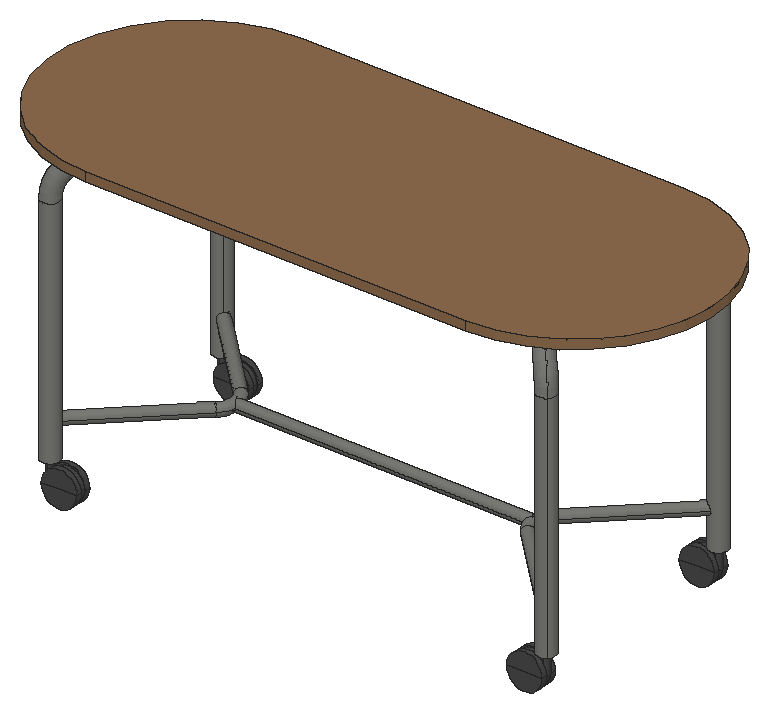
Revit family "Table-Teknion-CQTHZ_Racetrack_High_Table-R2020", category Furniture, Revit 2020
Family settings
  OmniClass Number = 23.40.20.00
  OmniClass Title = General Furniture and Specialties
  Work Plane-Based = No
  Always vertical = Yes
  Cut with Voids When Loaded = No
  Shared = Yes
  Room Calculation Point = No
Parameters (values of type "Counter Height, Mobile Mobility")
  Warranty = "http://www.teknion.com/ca/papers/legal-canada"
  Unit Weight URL = "http://www.teknion.com/ca/tools/assets#&asset=bee6a381-b954-425e-8283-5a2de3a804f2,f828d448-4b62-4231-9e5f-9a8991c0ed77"
  URL = "www.teknion.com"
  Sustainability Data = "https://www.teknion.com/ca/tools/assets#&topic=216f99a5-57a0-44fc-b10a-9dee9b29ae4c&asset=444deb64-fe58-4b68-981e-f75e97781df7,b4ff2d81-9f2e-437d-9659-7cffb09c31cf"
  Surface Finish [instance] = Foundation Laminate - Teknion - 3P - Sycamore Reflect
  Series = "Routes"  # constant formula
  Product Page URL = "https://www.teknion.com/ca/products/product-details?productLineId=70f0476f-8e7a-673b-a6c8-ff05004460c4"
  Product Line = "Routes Tables"  # constant formula
  Product Documentation Link = "https://assets.teknion.com/m/72af4764f50e983c/original/Routes-Reference-Guide.pdf"
  Part Number = "CQTHZ"  # constant formula
  Model = "CQTHZCM3072"
  Mobile Leg = yes
  Manufacturer Phone = "416-661-3370"  # constant formula
  Manufacturer Fax = "416.661.4586"  # constant formula
  Manufacturer Contact Information = "http://www.teknion.com/ca/contactus"
  Manufacturer Address = "1150 Flint Road, Toronto, ON. M3J 2J5. Canada"  # constant formula
  Manufacturer = "Teknion"  # constant formula
  How To Use Teknion Materials User Guide [instance] = "https://assets.teknion.com/m/205dd0a49fa58060/original/How-to-add-a-Material-Library-and-Texture-Images-to-your-Revit-project.pdf"
  Height = 36.000"
  Frame Finish [instance] = Paint - Teknion - Mica - Anthracite
  For Additional Finishes please visit [instance] = "https://assets.teknion.com/m/44a8009b046e5d47/original/Teknion_Materials_Library.zip"
  Foot Finish [instance] = Plastic - Teknion - E - Ebony
  Fixed Leg = no
  Description = "Racetrack High Table - Counter Height with Mobile Mobility"
  Default Elevation = 0.000"
  Caster Finish [instance] = Plastic - Teknion - E - Ebony
  Assembly Code = "E2020200"
Reference planes (in)
  plane 1 "Center Front/Back": y = 0
  plane 2: z = 0
  plane 3 "Center Left/Right": x = -4.69362
  plane 4 "Left": x = -40.69362
  plane 5 "Right": x = 31.30637
  plane 6 "Back": y = 15
  plane 7 "Front": y = -15
  plane 8 "Top": z = 36
  plane 9: z = 35
  plane 10: z = 34.75
  plane 11: through (-25.41537, -5.21598, 48) normal (0.7071, -0.7071, 0)
  plane 12: through (-25.41537, 5.21598, 48) normal (-0.7071, -0.7071, 0)
  plane 13: through (16.1693, 5.36892, 48) normal (-0.7071, 0.7071, 0)
  plane 14: through (16.1693, -5.36892, 48) normal (0.7071, 0.7071, 0)
  plane 15: z = 4.086
  plane 16: z = 8
  plane 17: y = 11.88108
  plane 18: y = -11.88108
  plane 19: x = -32.0687
  plane 20: x = 22.68145
  plane 21: z = 1.9685
  plane 22: z = 0.875
  plane 23: z = 29.7601
Forms (in)
  Sweep 1, solid, material "Paint - Teknion - Mica - Anthracite" <- "Frame Finish"
    path origin (-25.41537, -5.21598, 48) x (0.707107, 0.707107, 0) y (0, 0, 1)
      loop
        arc (-9.42587, -18.2399) -> (-8.25432, -15.41153) -> (-5.42596, -14.23999) r 3.99991
        line (-5.42596, -14.23999) -> (0, -14.23999)
    profile origin (-27.33374, -7.13435, 33.76001) x (0, 0, 1) y (0.707107, -0.707107, 0)
      loop
        circle (0, 0) r 1
  Sweep 2, solid, material "Paint - Teknion - Mica - Anthracite" <- "Frame Finish"
    path origin (-25.41537, 5.21598, 48) x (0.707107, -0.707107, 0) y (0, 0, 1)
      loop
        arc (-9.42587, -18.236) -> (-8.25547, -15.4104) -> (-5.42987, -14.24) r 3.996
        line (-5.42987, -14.24) -> (0, -14.24)
    profile origin (-27.33512, 7.13573, 33.76) x (0, 0, -1) y (0.707107, 0.707107, 0)
      loop
        circle (0, 0) r 1
  Sweep 3, solid, material "Paint - Teknion - Mica - Anthracite" <- "Frame Finish"
    path origin (16.1693, -5.36892, 48) x (-0.707107, 0.707107, 0) y (0, 0, 1)
      loop
        line (0.21629, -14.23999) -> (-5.19957, -14.23999)
        arc (-5.19957, -14.23999) -> (-8.03508, -15.41449) -> (-9.20958, -18.25) r 4.01001
    profile origin (17.93115, -7.13078, 33.76001) x (0, 0, 1) y (-0.707107, -0.707107, 0)
      loop
        circle (0, 0) r 1
  Sweep 4, solid, material "Paint - Teknion - Mica - Anthracite" <- "Frame Finish"
    path origin (16.1693, 5.36892, 48) x (-0.707107, -0.707107, 0) y (0, 0, 1)
      loop
        line (0.21629, -14.23999) -> (-5.19957, -14.23999)
        arc (-5.19957, -14.23999) -> (-8.03508, -15.41449) -> (-9.20958, -18.25) r 4.01001
    profile origin (17.93115, 7.13078, 33.76001) x (0, 0, -1) y (-0.707107, 0.707107, 0)
      loop
        circle (0, 0) r 1
  Sweep 5, solid, material "Paint - Teknion - Mica - Anthracite" <- "Frame Finish"
    path origin (0, 0, 0) x (1, 0, 0) y (0, 0, 1)
      loop
        line (-40.69362, 34.75) -> (-40.69362, 35)
    profile origin (-40.69362, 0, 34.875) x (-1, 0, 0) y (0, -1, 0)
      loop
        line (-12.29518, 4.51306) -> (-9.88324, 6.925)
        arc (-9.88324, 6.925) -> (-9.66357, 7.45533) -> (-9.88324, 7.98566) r 0.75
        line (-9.88324, 7.98566) -> (-12.52066, 10.62309)
        arc (-12.52066, 10.62309) -> (-13.05099, 10.84276) -> (-13.58132, 10.62309) r 0.75
        line (-13.58132, 10.62309) -> (-15.99326, 8.21114)
        arc (-15.99326, 8.21114) -> (-16.21293, 7.68081) -> (-15.99326, 7.15048) r 0.75
        line (-15.99326, 7.15048) -> (-13.35584, 4.51306)
        arc (-13.35584, 4.51306) -> (-12.82551, 4.29339) -> (-12.29518, 4.51306) r 0.75
      loop
        arc (-12.29518, -4.51306) -> (-12.82551, -4.29339) -> (-13.35584, -4.51306) r 0.75
        line (-13.35584, -4.51306) -> (-15.99326, -7.15048)
        arc (-15.99326, -7.15048) -> (-16.21293, -7.68081) -> (-15.99326, -8.21114) r 0.75
        line (-15.99326, -8.21114) -> (-13.58132, -10.62309)
        arc (-13.58132, -10.62309) -> (-13.05099, -10.84276) -> (-12.52066, -10.62309) r 0.75
        line (-12.52066, -10.62309) -> (-9.88324, -7.98566)
        arc (-9.88324, -7.98566) -> (-9.66357, -7.45533) -> (-9.88324, -6.925) r 0.75
        line (-9.88324, -6.925) -> (-12.29518, -4.51306)
      loop
        arc (-59.71658, 4.51306) -> (-59.18625, 4.29339) -> (-58.65592, 4.51306) r 0.75
        line (-58.65592, 4.51306) -> (-56.0185, 7.15048)
        arc (-56.0185, 7.15048) -> (-55.79883, 7.68081) -> (-56.0185, 8.21114) r 0.75
        line (-56.0185, 8.21114) -> (-58.43044, 10.62309)
        arc (-58.43044, 10.62309) -> (-58.96077, 10.84276) -> (-59.4911, 10.62309) r 0.75
        line (-59.4911, 10.62309) -> (-62.12852, 7.98566)
        arc (-62.12852, 7.98566) -> (-62.34819, 7.45533) -> (-62.12852, 6.925) r 0.75
        line (-62.12852, 6.925) -> (-59.71658, 4.51306)
      loop
        line (-59.71658, -4.51306) -> (-62.12852, -6.925)
        arc (-62.12852, -6.925) -> (-62.34819, -7.45533) -> (-62.12852, -7.98566) r 0.75
        line (-62.12852, -7.98566) -> (-59.4911, -10.62309)
        arc (-59.4911, -10.62309) -> (-58.96077, -10.84276) -> (-58.43044, -10.62309) r 0.75
        line (-58.43044, -10.62309) -> (-56.0185, -8.21114)
        arc (-56.0185, -8.21114) -> (-55.79883, -7.68081) -> (-56.0185, -7.15048) r 0.75
        line (-56.0185, -7.15048) -> (-58.65592, -4.51306)
        arc (-58.65592, -4.51306) -> (-59.18625, -4.29339) -> (-59.71658, -4.51306) r 0.75
  Sweep 6, solid, material "Paint - Teknion - Mica - Anthracite" <- "Frame Finish"
    path origin (-41.56768, -180, 8) x (-1, 0, 0) y (0, -1, 0)
      loop
        line (-9.48721, -191.88108) -> (-19.61151, -181.75678)
        arc (-19.61151, -181.75678) -> (-20.3392, -180) -> (-19.61151, -178.24322) r 2.48446
        line (-19.61151, -178.24322) -> (-9.48721, -168.11892)
    profile origin (-27.01832, 6.81893, 8) x (0.707107, 0.707107, 0) y (0, 0, 1)
      loop
        circle (0, 0) r 0.625
  Sweep 7, solid, material "Paint - Teknion - Mica - Anthracite" <- "Frame Finish"
    path origin (-41.56768, -180, 8) x (-1, 0, 0) y (0, -1, 0)
      loop
        line (-64.24913, -168.11892) -> (-54.13563, -178.23242)
        arc (-54.13563, -178.23242) -> (-53.40348, -180) -> (-54.13563, -181.76758) r 2.49974
        line (-54.13563, -181.76758) -> (-64.24913, -191.88108)
    profile origin (17.6247, 6.82433, 8) x (-0.707107, 0.707107, 0) y (0, 0, 1)
      loop
        circle (0, 0) r 0.625
  Sweep 8, solid, material "Paint - Teknion - Mica - Anthracite" <- "Frame Finish"
    path origin (-41.56768, -180, 8) x (-1, 0, 0) y (0, -1, 0)
      loop
        line (-20.35073, -180) -> (-53.41557, -180)
    profile origin (-4.68453, 0, 8) x (0, 1, 0) y (0, 0, 1)
      loop
        circle (0, 0) r 0.625
  Revolve 9, solid, material "Plastic - Teknion - E - Ebony" <- "Caster Finish", visible <- "Mobile Leg"
    sketch origin (-41.56768, -180, 1.9685) x (-1, 0, 0) y (0, -1, 0)
      loop
        line (-11.18043, -192.77108) -> (-11.18043, -190.99108) -> (-13.13688, -190.99108) -> (-13.13688, -191.55608) -> (-12.9922, -191.55608) -> (-12.9922, -192.20608) -> (-13.13688, -192.20608) -> (-13.13688, -192.77108) -> (-11.18043, -192.77108)
      axis (-11.18043, -192.77108) -> (-11.18043, -190.99108)
    angle from 0 to 360
  Sweep 10, solid, material "Plastic - Teknion - E - Ebony" <- "Caster Finish", visible <- "Mobile Leg"
    path origin (0, 0, 0) x (1, 0, 0) y (0, 0, 1)
      loop
        line (-32.0687, 4.086) -> (-32.0687, 1.9685)
    profile origin (-32.0687, 0, 3.02725) x (0, -1, 0) y (1, 0, 0)
      loop
        circle (-11.88108, 0) r 0.35945
  Revolve 11, solid, material "Plastic - Teknion - E - Ebony" <- "Caster Finish", visible <- "Mobile Leg"
    sketch origin (-41.56768, 180, 1.9685) x (-1, 0, 0) y (0, -1, 0)
      loop
        line (-11.18043, 192.77108) -> (-13.13688, 192.77108) -> (-13.13688, 192.20608) -> (-12.9922, 192.20608) -> (-12.9922, 191.55608) -> (-13.13688, 191.55608) -> (-13.13688, 190.99108) -> (-11.18043, 190.99108) -> (-11.18043, 192.77108)
      axis (-11.18043, 192.77108) -> (-11.18043, 190.99108)
    angle from 0 to 360
  Sweep 12, solid, material "Plastic - Teknion - E - Ebony" <- "Caster Finish", visible <- "Mobile Leg"
    path origin (0, 0, 0) x (1, 0, 0) y (0, 0, -1)
      loop
        line (-32.0687, -4.086) -> (-32.0687, -1.9685)
    profile origin (-32.0687, 0, 3.02725) x (0, 1, 0) y (-1, 0, 0)
      loop
        circle (-11.88108, 0) r 0.35945
  Revolve 13, solid, material "Plastic - Teknion - E - Ebony" <- "Caster Finish", visible <- "Mobile Leg"
    sketch origin (27.46328, 180, 1.9685) x (1, 0, 0) y (0, 1, 0)
      loop
        line (-6.46327, -192.77108) -> (-6.46327, -190.99108) -> (-8.41972, -190.99108) -> (-8.41972, -191.55608) -> (-8.27505, -191.55608) -> (-8.27505, -192.20608) -> (-8.41972, -192.20608) -> (-8.41972, -192.77108) -> (-6.46327, -192.77108)
      axis (-6.46327, -192.77108) -> (-6.46327, -190.99108)
    angle from 0 to 360
  Sweep 14, solid, material "Plastic - Teknion - E - Ebony" <- "Caster Finish", visible <- "Mobile Leg"
    path origin (-14.1044, 0, 0) x (-1, 0, 0) y (0, 0, 1)
      loop
        line (-36.78586, 4.086) -> (-36.78586, 1.9685)
    profile origin (22.68145, 0, 3.02725) x (0, 1, 0) y (-1, 0, 0)
      loop
        circle (-11.88108, 0) r 0.35945
  Revolve 15, solid, material "Plastic - Teknion - E - Ebony" <- "Caster Finish", visible <- "Mobile Leg"
    sketch origin (27.46328, -180, 1.9685) x (1, 0, 0) y (0, 1, 0)
      loop
        line (-6.46327, 192.77108) -> (-8.41972, 192.77108) -> (-8.41972, 192.20608) -> (-8.27505, 192.20608) -> (-8.27505, 191.55608) -> (-8.41972, 191.55608) -> (-8.41972, 190.99108) -> (-6.46327, 190.99108) -> (-6.46327, 192.77108)
      axis (-6.46327, 192.77108) -> (-6.46327, 190.99108)
    angle from 0 to 360
  Sweep 16, solid, material "Plastic - Teknion - E - Ebony" <- "Caster Finish", visible <- "Mobile Leg"
    path origin (-14.1044, 0, 0) x (-1, 0, 0) y (0, 0, -1)
      loop
        line (-36.78586, -4.086) -> (-36.78586, -1.9685)
    profile origin (22.68145, 0, 3.02725) x (0, -1, 0) y (1, 0, 0)
      loop
        circle (-11.88108, 0) r 0.35945
  Sweep 17, solid, material "Paint - Teknion - Mica - Anthracite" <- "Frame Finish", visible <- "Fixed Leg"
    path origin (0, 0, 0) x (1, 0, 0) y (0, 0, 1)
      loop
        line (-32.0687, 0.875) -> (-32.0687, 29.7601)
    profile origin (-32.0687, 0, 15.31755) x (-1, 0, 0) y (0, -1, 0)
      loop
        arc (0.70711, -12.59976) -> (0.71877, -11.17388) -> (-0.70711, -11.18594) r 1
        arc (-0.70711, -11.18594) -> (-0.69524, -12.58829) -> (0.70711, -12.59976) r 1
      loop
        arc (0.70711, 12.59976) -> (-0.69524, 12.58829) -> (-0.70711, 11.18594) r 1
        arc (-0.70711, 11.18594) -> (0.71877, 11.17388) -> (0.70711, 12.59976) r 1
      loop
        circle (-54.75015, -11.88108) r 1
      loop
        circle (-54.75015, 11.88108) r 1
  Sweep 18, solid, material "Paint - Teknion - Mica - Anthracite" <- "Frame Finish", visible <- "Mobile Leg"
    path origin (0, 0, 0) x (1, 0, 0) y (0, 0, 1)
      loop
        line (-32.0687, 29.7601) -> (-32.0687, 4.086)
    profile origin (-32.0687, 0, 16.92305) x (0, -1, 0) y (1, 0, 0)
      loop
        arc (12.59976, -0.70711) -> (12.58829, 0.69524) -> (11.18594, 0.70711) r 1
        arc (11.18594, 0.70711) -> (11.17388, -0.71877) -> (12.59976, -0.70711) r 1
      loop
        circle (11.88108, 54.75015) r 1
      loop
        circle (-11.88108, 54.75015) r 1
      loop
        arc (-12.59976, -0.70711) -> (-11.17388, -0.71877) -> (-11.18594, 0.70711) r 1
        arc (-11.18594, 0.70711) -> (-12.58829, 0.69524) -> (-12.59976, -0.70711) r 1
  Revolve 19, solid, material "Plastic - Teknion - E - Ebony" <- "Foot Finish", visible <- "Fixed Leg"
    sketch origin (-33.08047, -11.88108, 48) x (-1, 0, 0) y (0, 0, 1)
      loop
        line (-1.01177, -48) -> (-1.01177, -47.125) -> (-1.85077, -47.125) -> (-1.85077, -47.46425) -> (-2.00351, -47.46425) -> (-2.01177, -47.9375) -> (-1.85552, -47.9375) -> (-1.85552, -48) -> (-1.01177, -48)
      axis (-1.01177, -47.125) -> (-1.01177, -48)
    angle from 0 to 360
  Revolve 20, solid, material "Plastic - Teknion - E - Ebony" <- "Foot Finish", visible <- "Fixed Leg"
    sketch origin (-33.08047, 11.88108, 48) x (-1, 0, 0) y (0, 0, 1)
      loop
        line (-1.01177, -48) -> (-1.01177, -47.125) -> (-1.85077, -47.125) -> (-1.85077, -47.46425) -> (-2.00351, -47.46425) -> (-2.01177, -47.9375) -> (-1.85552, -47.9375) -> (-1.85552, -48) -> (-1.01177, -48)
      axis (-1.01177, -47.125) -> (-1.01177, -48)
    angle from 0 to 360
  Revolve 21, solid, material "Plastic - Teknion - E - Ebony" <- "Foot Finish", visible <- "Fixed Leg"
    sketch origin (18.97606, 11.88108, 48) x (1, 0, 0) y (0, 0, -1)
      loop
        line (3.70539, 48) -> (2.86164, 48) -> (2.86164, 47.9375) -> (2.70539, 47.9375) -> (2.71365, 47.46425) -> (2.86639, 47.46425) -> (2.86639, 47.125) -> (3.70539, 47.125) -> (3.70539, 48)
      axis (3.70539, 47.125) -> (3.70539, 48)
    angle from 0 to 360
  Revolve 22, solid, material "Plastic - Teknion - E - Ebony" <- "Foot Finish", visible <- "Fixed Leg"
    sketch origin (18.97606, -11.88108, 48) x (1, 0, 0) y (0, 0, 1)
      loop
        line (3.70539, -48) -> (3.70539, -47.125) -> (2.86639, -47.125) -> (2.86639, -47.46425) -> (2.71365, -47.46425) -> (2.70539, -47.9375) -> (2.86164, -47.9375) -> (2.86164, -48) -> (3.70539, -48)
      axis (3.70539, -47.125) -> (3.70539, -48)
    angle from 0 to 360
  Sweep 23, solid, material "Foundation Laminate - Teknion - 3P - Sycamore Reflect" <- "Surface Finish"
    path origin (-33.08047, -11.88108, 48) x (-1, 0, 0) y (0, 0, 1)
      loop
        line (-28.38684, -12) -> (-28.38684, -13)
    profile origin (-4.69362, -11.88108, 35.5) x (0, -1, 0) y (1, 0, 0)
      loop
        line (-26.88108, 21) -> (-26.88108, -21)
        arc (-26.88108, -21) -> (-11.88108, -36) -> (3.11892, -21) r 15
        line (3.11892, -21) -> (3.11892, 21)
        arc (3.11892, 21) -> (-11.88108, 36) -> (-26.88108, 21) r 15
Lines and regions (in)
  Masking region 1
    outline origin (-41.56768, -180, 1.9685) x (-1, 0, 0) y (0, -1, 0)
      loop
        arc (-15.87406, -195) -> (-0.87406, -180) -> (-15.87406, -165) r 15
        line (-15.87406, -165) -> (-57.87406, -165)
        arc (-57.87406, -165) -> (-72.87406, -180) -> (-57.87406, -195) r 15
        line (-57.87406, -195) -> (-15.87406, -195)
  reference lines
    curve 1: line (-40.69362, 15, 1.9685) -> (-40.69362, -15, 1.9685)
    curve 2: line (-40.69362, -15, 1.9685) -> (31.30637, -15, 1.9685)
    curve 3: line (31.30637, -15, 1.9685) -> (31.30637, 15, 1.9685)
    curve 4: line (31.30637, 15, 1.9685) -> (-40.69362, 15, 1.9685)
  symbolic lines, style "FurnitureHiddenLines", detail levels medium+fine
    curve 5: line (-28.41021, -4.51306, 1.9685) -> (-30.81038, -6.925, 1.9685)
    curve 6: arc (-30.81038, -6.925, 1.9685) -> (-31.03005, -7.45533, 1.9685) -> (-30.81038, -7.98566, 1.9685) r 0.75
    curve 7: line (-30.81038, -7.98566, 1.9685) -> (-28.17296, -10.62309, 1.9685)
    curve 8: arc (-28.17296, -10.62309, 1.9685) -> (-27.64263, -10.84276, 1.9685) -> (-27.1123, -10.62309, 1.9685) r 0.75
    curve 9: line (-27.1123, -10.62309, 1.9685) -> (-24.71213, -8.21114, 1.9685)
    curve 10: arc (-24.71213, -8.21114, 1.9685) -> (-24.49246, -7.68081, 1.9685) -> (-24.71213, -7.15048, 1.9685) r 0.75
    curve 11: line (-24.71213, -7.15048, 1.9685) -> (-27.34955, -4.51306, 1.9685)
    curve 12: arc (-27.34955, -4.51306, 1.9685) -> (-27.87988, -4.29339, 1.9685) -> (-28.41021, -4.51306, 1.9685) r 0.75
    curve 13: line (-24.71213, 8.21114, 1.9685) -> (-27.1123, 10.62309, 1.9685)
    curve 14: arc (-27.1123, 10.62309, 1.9685) -> (-27.64263, 10.84276, 1.9685) -> (-28.17296, 10.62309, 1.9685) r 0.75
    curve 15: line (-28.17296, 10.62309, 1.9685) -> (-30.81038, 7.98566, 1.9685)
    curve 16: arc (-30.81038, 7.98566, 1.9685) -> (-31.03005, 7.45533, 1.9685) -> (-30.81038, 6.925, 1.9685) r 0.75
    curve 17: line (-30.81038, 6.925, 1.9685) -> (-28.41021, 4.51306, 1.9685)
    curve 18: arc (-28.41021, 4.51306, 1.9685) -> (-27.87988, 4.29339, 1.9685) -> (-27.34955, 4.51306, 1.9685) r 0.75
    curve 19: line (-27.34955, 4.51306, 1.9685) -> (-24.71213, 7.15048, 1.9685)
    curve 20: arc (-24.71213, 7.15048, 1.9685) -> (-24.49246, 7.68081, 1.9685) -> (-24.71213, 8.21114, 1.9685) r 0.75
    curve 21: line (19.01119, 4.51306, 1.9685) -> (21.42313, 6.925, 1.9685)
    curve 22: arc (21.42313, 6.925, 1.9685) -> (21.6428, 7.45533, 1.9685) -> (21.42313, 7.98566, 1.9685) r 0.75
    curve 23: line (21.42313, 7.98566, 1.9685) -> (18.78571, 10.62309, 1.9685)
    curve 24: arc (18.78571, 10.62309, 1.9685) -> (18.25538, 10.84276, 1.9685) -> (17.72505, 10.62309, 1.9685) r 0.75
    curve 25: line (17.72505, 10.62309, 1.9685) -> (15.31311, 8.21114, 1.9685)
    curve 26: arc (15.31311, 8.21114, 1.9685) -> (15.09344, 7.68081, 1.9685) -> (15.31311, 7.15048, 1.9685) r 0.75
    curve 27: line (15.31311, 7.15048, 1.9685) -> (17.95053, 4.51306, 1.9685)
    curve 28: arc (17.95053, 4.51306, 1.9685) -> (18.48086, 4.29339, 1.9685) -> (19.01119, 4.51306, 1.9685) r 0.75
    curve 29: line (21.42313, -6.925, 1.9685) -> (19.01119, -4.51306, 1.9685)
    curve 30: arc (19.01119, -4.51306, 1.9685) -> (18.48086, -4.29339, 1.9685) -> (17.95053, -4.51306, 1.9685) r 0.75
    curve 31: line (17.95053, -4.51306, 1.9685) -> (15.31311, -7.15048, 1.9685)
    curve 32: arc (15.31311, -7.15048, 1.9685) -> (15.09344, -7.68081, 1.9685) -> (15.31311, -8.21114, 1.9685) r 0.75
    curve 33: line (15.31311, -8.21114, 1.9685) -> (17.72505, -10.62309, 1.9685)
    curve 34: arc (17.72505, -10.62309, 1.9685) -> (18.25538, -10.84276, 1.9685) -> (18.78571, -10.62309, 1.9685) r 0.75
    curve 35: line (18.78571, -10.62309, 1.9685) -> (21.42313, -7.98566, 1.9685)
    curve 36: arc (21.42313, -7.98566, 1.9685) -> (21.6428, -7.45533, 1.9685) -> (21.42313, -6.925, 1.9685) r 0.75
    curve 37: line (-24.70826, -5.92309, 1.9685) -> (-26.12248, -4.50888, 1.9685)
    curve 38: arc (-32.78757, -12.58819, 1.9685) -> (-31.37336, -12.58819, 1.9685) -> (-31.37336, -11.17397, 1.9685) r 1
    curve 39: arc (-31.37336, -11.17397, 1.9685) -> (-32.78757, -11.17397, 1.9685) -> (-32.78757, -12.58819, 1.9685) r 1
    curve 40: line (-26.12248, -4.50888, 1.9685) -> (-32.78757, -11.17397, 1.9685)
    curve 41: line (-24.70826, -5.92309, 1.9685) -> (-31.37336, -12.58819, 1.9685)
    curve 42: arc (-32.78757, 12.58819, 1.9685) -> (-32.78757, 11.17397, 1.9685) -> (-31.37336, 11.17397, 1.9685) r 1
    curve 43: arc (-31.37336, 11.17397, 1.9685) -> (-31.37336, 12.58819, 1.9685) -> (-32.78757, 12.58819, 1.9685) r 1
    curve 44: line (-26.12248, 4.50888, 1.9685) -> (-24.70826, 5.92309, 1.9685)
    curve 45: line (-31.37336, 12.58819, 1.9685) -> (-24.70826, 5.92309, 1.9685)
    curve 46: line (-26.12248, 4.50888, 1.9685) -> (-32.78757, 11.17397, 1.9685)
    curve 47: line (16.72346, 4.50888, 1.9685) -> (15.30925, 5.92309, 1.9685)
    curve 48: arc (21.97435, 11.17397, 1.9685) -> (23.38856, 11.17397, 1.9685) -> (23.38856, 12.58819, 1.9685) r 1
    curve 49: arc (23.38856, 12.58819, 1.9685) -> (21.97435, 12.58819, 1.9685) -> (21.97435, 11.17397, 1.9685) r 1
    curve 50: line (15.30925, 5.92309, 1.9685) -> (21.97435, 12.58819, 1.9685)
    curve 51: line (16.72346, 4.50888, 1.9685) -> (23.38856, 11.17397, 1.9685)
    curve 52: arc (23.38856, -12.58819, 1.9685) -> (23.38856, -11.17397, 1.9685) -> (21.97435, -11.17397, 1.9685) r 1
    curve 53: arc (21.97435, -11.17397, 1.9685) -> (21.97435, -12.58819, 1.9685) -> (23.38856, -12.58819, 1.9685) r 1
    curve 54: line (15.30925, -5.92309, 1.9685) -> (16.72346, -4.50888, 1.9685)
    curve 55: line (16.72346, -4.50888, 1.9685) -> (23.38856, -11.17397, 1.9685)
    curve 56: line (15.30925, -5.92309, 1.9685) -> (21.97435, -12.58819, 1.9685)
    curve 57: arc (-31.08654, -11.77104, 1.9685) -> (-31.17908, -11.44807, 1.9685) -> (-31.37336, -11.17397, 1.9685) r 1
    curve 58: arc (-31.37336, -11.17397, 1.9685) -> (-31.64746, -10.97969, 1.9685) -> (-31.97042, -10.88715, 1.9685) r 1
    curve 59: line (-31.97042, -10.88715, 1.9685) -> (-22.39658, -1.31331, 1.9685)
    curve 60: line (-31.08654, -11.77104, 1.9685) -> (-21.5127, -2.19719, 1.9685)
    curve 61: arc (-22.39658, 1.31331, 1.9685) -> (-21.85259, 0, 1.9685) -> (-22.39658, -1.31331, 1.9685) r 1.8573
    curve 62: arc (-20.6039, 0.09036, 1.9685) -> (-20.82213, -1.14724, 1.9685) -> (-21.5127, -2.19719, 1.9685) r 3.1073
    curve 63: line (-31.97042, 10.88715, 1.9685) -> (-22.39658, 1.31331, 1.9685)
    curve 64: line (-31.08654, 11.77104, 1.9685) -> (-21.5127, 2.19719, 1.9685)
    curve 65: arc (-31.97042, 10.88715, 1.9685) -> (-31.64746, 10.97969, 1.9685) -> (-31.37336, 11.17397, 1.9685) r 1
    curve 66: arc (-31.37336, 11.17397, 1.9685) -> (-31.17908, 11.44807, 1.9685) -> (-31.08654, 11.77104, 1.9685) r 1
    curve 67: arc (-20.6039, 0.09036, 1.9685) -> (-20.85671, 1.23073, 1.9685) -> (-21.5127, 2.19719, 1.9685) r 3.1073
    curve 68: line (-20.6661, 0.625, 1.9685) -> (11.26708, 0.625, 1.9685)
    curve 69: line (-20.6661, -0.625, 1.9685) -> (11.26708, -0.625, 1.9685)
    curve 70: line (22.57141, 10.88715, 1.9685) -> (12.99757, 1.31331, 1.9685)
    curve 71: line (21.68753, 11.77104, 1.9685) -> (12.11368, 2.19719, 1.9685)
    curve 72: arc (21.97435, 11.17397, 1.9685) -> (22.24844, 10.97969, 1.9685) -> (22.57141, 10.88715, 1.9685) r 1
    curve 73: arc (21.68753, 11.77104, 1.9685) -> (21.78007, 11.44807, 1.9685) -> (21.97435, 11.17397, 1.9685) r 1
    curve 74: arc (12.99757, 1.31331, 1.9685) -> (12.45358, 0, 1.9685) -> (12.99757, -1.31331, 1.9685) r 1.8573
    curve 75: arc (11.23651, 0.45119, 1.9685) -> (11.36116, -0.97698, 1.9685) -> (12.11368, -2.19719, 1.9685) r 3.1073
    curve 76: arc (11.23651, 0.45119, 1.9685) -> (11.53428, 1.39494, 1.9685) -> (12.11368, 2.19719, 1.9685) r 3.1073
    curve 77: arc (22.57141, -10.88715, 1.9685) -> (22.24844, -10.97969, 1.9685) -> (21.97435, -11.17397, 1.9685) r 1
    curve 78: arc (21.97435, -11.17397, 1.9685) -> (21.78007, -11.44807, 1.9685) -> (21.68753, -11.77104, 1.9685) r 1
    curve 79: line (21.68753, -11.77104, 1.9685) -> (12.11368, -2.19719, 1.9685)
    curve 80: line (22.57141, -10.88715, 1.9685) -> (12.99757, -1.31331, 1.9685)
  symbolic lines, style "FurnitureHiddenLines", visible <- "Fixed Leg", detail levels fine
    curve 81: arc (-33.0687, -11.88108, 1.9685) -> (-32.0687, -10.88108, 1.9685) -> (-31.0687, -11.88108, 1.9685) r 1
    curve 82: arc (-31.0687, -11.88108, 1.9685) -> (-32.0687, -12.88108, 1.9685) -> (-33.0687, -11.88108, 1.9685) r 1
    curve 83: arc (-31.07696, -11.88108, 1.9685) -> (-32.0687, -12.87282, 1.9685) -> (-33.06044, -11.88108, 1.9685) r 0.99174
    curve 84: arc (-33.06044, -11.88108, 1.9685) -> (-32.0687, -10.88934, 1.9685) -> (-31.07696, -11.88108, 1.9685) r 0.99174
    curve 85: arc (-32.9077, -11.88108, 1.9685) -> (-32.0687, -12.72008, 1.9685) -> (-31.2297, -11.88108, 1.9685) r 0.839
    curve 86: arc (-31.2297, -11.88108, 1.9685) -> (-32.0687, -11.04208, 1.9685) -> (-32.9077, -11.88108, 1.9685) r 0.839
    curve 87: arc (-31.22495, -11.88108, 1.9685) -> (-32.0687, -11.03733, 1.9685) -> (-32.91245, -11.88108, 1.9685) r 0.84375
    curve 88: arc (-32.91245, -11.88108, 1.9685) -> (-32.0687, -12.72483, 1.9685) -> (-31.22495, -11.88108, 1.9685) r 0.84375
    curve 89: arc (-33.0687, 11.88108, 1.9685) -> (-32.0687, 12.88108, 1.9685) -> (-31.0687, 11.88108, 1.9685) r 1
    curve 90: arc (-33.06044, 11.88108, 1.9685) -> (-32.0687, 12.87282, 1.9685) -> (-31.07696, 11.88108, 1.9685) r 0.99174
    curve 91: arc (-32.91245, 11.88108, 1.9685) -> (-32.0687, 12.72483, 1.9685) -> (-31.22495, 11.88108, 1.9685) r 0.84375
    curve 92: arc (-32.9077, 11.88108, 1.9685) -> (-32.0687, 12.72008, 1.9685) -> (-31.2297, 11.88108, 1.9685) r 0.839
    curve 93: arc (-31.2297, 11.88108, 1.9685) -> (-32.0687, 11.04208, 1.9685) -> (-32.9077, 11.88108, 1.9685) r 0.839
    curve 94: arc (-31.22495, 11.88108, 1.9685) -> (-32.0687, 11.03733, 1.9685) -> (-32.91245, 11.88108, 1.9685) r 0.84375
    curve 95: arc (-31.07696, 11.88108, 1.9685) -> (-32.0687, 10.88934, 1.9685) -> (-33.06044, 11.88108, 1.9685) r 0.99174
    curve 96: arc (-31.0687, 11.88108, 1.9685) -> (-32.0687, 10.88108, 1.9685) -> (-33.0687, 11.88108, 1.9685) r 1
    curve 97: arc (21.68145, 11.88108, 1.9685) -> (22.68145, 12.88108, 1.9685) -> (23.68145, 11.88108, 1.9685) r 1
    curve 98: arc (23.67319, 11.88108, 1.9685) -> (22.68145, 10.88934, 1.9685) -> (21.68971, 11.88108, 1.9685) r 0.99174
    curve 99: arc (23.68145, 11.88108, 1.9685) -> (22.68145, 10.88108, 1.9685) -> (21.68145, 11.88108, 1.9685) r 1
    curve 100: arc (21.68971, 11.88108, 1.9685) -> (22.68145, 12.87282, 1.9685) -> (23.67319, 11.88108, 1.9685) r 0.99174
    curve 101: arc (21.8377, 11.88108, 1.9685) -> (22.68145, 11.03733, 1.9685) -> (23.5252, 11.88108, 1.9685) r 0.84375
    curve 102: arc (23.5252, 11.88108, 1.9685) -> (22.68145, 12.72483, 1.9685) -> (21.8377, 11.88108, 1.9685) r 0.84375
    curve 103: arc (23.52045, 11.88108, 1.9685) -> (22.68145, 12.72008, 1.9685) -> (21.84245, 11.88108, 1.9685) r 0.839
    curve 104: arc (21.84245, 11.88108, 1.9685) -> (22.68145, 11.04208, 1.9685) -> (23.52045, 11.88108, 1.9685) r 0.839
    curve 105: arc (21.68971, -11.88108, 1.9685) -> (22.68145, -10.88934, 1.9685) -> (23.67319, -11.88108, 1.9685) r 0.99174
    curve 106: arc (21.68145, -11.88108, 1.9685) -> (22.68145, -10.88108, 1.9685) -> (23.68145, -11.88108, 1.9685) r 1
    curve 107: arc (23.67319, -11.88108, 1.9685) -> (22.68145, -12.87282, 1.9685) -> (21.68971, -11.88108, 1.9685) r 0.99174
    curve 108: arc (23.68145, -11.88108, 1.9685) -> (22.68145, -12.88108, 1.9685) -> (21.68145, -11.88108, 1.9685) r 1
    curve 109: arc (23.52045, -11.88108, 1.9685) -> (22.68145, -12.72008, 1.9685) -> (21.84245, -11.88108, 1.9685) r 0.839
    curve 110: arc (23.5252, -11.88108, 1.9685) -> (22.68145, -12.72483, 1.9685) -> (21.8377, -11.88108, 1.9685) r 0.84375
    curve 111: arc (21.84245, -11.88108, 1.9685) -> (22.68145, -11.04208, 1.9685) -> (23.52045, -11.88108, 1.9685) r 0.839
    curve 112: arc (21.8377, -11.88108, 1.9685) -> (22.68145, -11.03733, 1.9685) -> (23.5252, -11.88108, 1.9685) r 0.84375
  symbolic lines, style "FurnitureHiddenLines", visible <- "Mobile Leg", detail levels fine
    curve 113: line (-32.3437, 12.77108, 1.9685) -> (-32.3437, 12.20608, 1.9685)
    curve 114: line (-28.4308, 12.77108, 1.9685) -> (-28.4308, 12.20608, 1.9685)
    curve 115: line (-28.57548, 12.20608, 1.9685) -> (-28.57548, 11.55608, 1.9685)
    curve 116: line (-32.19902, 12.20608, 1.9685) -> (-32.19902, 11.55608, 1.9685)
    curve 117: line (-28.4308, 11.55608, 1.9685) -> (-28.4308, 10.99108, 1.9685)
    curve 118: line (-32.3437, 11.55608, 1.9685) -> (-32.3437, 10.99108, 1.9685)
    curve 119: line (-28.4308, 12.77108, 1.9685) -> (-32.3437, 12.77108, 1.9685)
    curve 120: line (-28.4308, 12.20608, 1.9685) -> (-32.3437, 12.20608, 1.9685)
    curve 121: line (-28.4308, 11.55608, 1.9685) -> (-32.3437, 11.55608, 1.9685)
    curve 122: line (-28.4308, 10.99108, 1.9685) -> (-32.3437, 10.99108, 1.9685)
    curve 123: arc (-32.0687, 12.24053, 1.9685) -> (-32.42815, 11.88108, 1.9685) -> (-32.0687, 11.52163, 1.9685) r 0.35945
    curve 124: arc (-32.0687, 11.52163, 1.9685) -> (-31.70925, 11.88108, 1.9685) -> (-32.0687, 12.24053, 1.9685) r 0.35945
    curve 125: line (-32.3437, -10.99108, 1.9685) -> (-32.3437, -11.55608, 1.9685)
    curve 126: line (-32.3437, -12.20608, 1.9685) -> (-32.3437, -12.77108, 1.9685)
    curve 127: line (-28.4308, -12.20608, 1.9685) -> (-28.4308, -12.77108, 1.9685)
    curve 128: line (-28.4308, -10.99108, 1.9685) -> (-28.4308, -11.55608, 1.9685)
    curve 129: line (-28.57548, -11.55608, 1.9685) -> (-28.57548, -12.20608, 1.9685)
    curve 130: line (-32.19902, -11.55608, 1.9685) -> (-32.19902, -12.20608, 1.9685)
    curve 131: line (-28.4308, -12.77108, 1.9685) -> (-32.3437, -12.77108, 1.9685)
    curve 132: line (-28.4308, -12.20608, 1.9685) -> (-32.3437, -12.20608, 1.9685)
    curve 133: line (-28.4308, -11.55608, 1.9685) -> (-32.3437, -11.55608, 1.9685)
    curve 134: line (-28.4308, -10.99108, 1.9685) -> (-32.3437, -10.99108, 1.9685)
    curve 135: arc (-32.0687, -11.52163, 1.9685) -> (-32.42815, -11.88108, 1.9685) -> (-32.0687, -12.24053, 1.9685) r 0.35945
    curve 136: arc (-32.0687, -12.24053, 1.9685) -> (-31.70925, -11.88108, 1.9685) -> (-32.0687, -11.52163, 1.9685) r 0.35945
    curve 137: line (19.18823, 12.20608, 1.9685) -> (19.18823, 11.55608, 1.9685)
    curve 138: line (19.04355, 12.77108, 1.9685) -> (19.04355, 12.20608, 1.9685)
    curve 139: line (19.04355, 11.55608, 1.9685) -> (19.04355, 10.99108, 1.9685)
    curve 140: line (22.95645, 11.55608, 1.9685) -> (22.95645, 10.99108, 1.9685)
    curve 141: line (22.81177, 12.20608, 1.9685) -> (22.81177, 11.55608, 1.9685)
    curve 142: line (22.95645, 12.77108, 1.9685) -> (22.95645, 12.20608, 1.9685)
    curve 143: line (19.04355, 10.99108, 1.9685) -> (22.95645, 10.99108, 1.9685)
    curve 144: line (19.04355, 11.55608, 1.9685) -> (22.95645, 11.55608, 1.9685)
    curve 145: line (19.04355, 12.20608, 1.9685) -> (22.95645, 12.20608, 1.9685)
    curve 146: line (19.04355, 12.77108, 1.9685) -> (22.95645, 12.77108, 1.9685)
    curve 147: arc (22.68145, 11.52163, 1.9685) -> (23.04091, 11.88108, 1.9685) -> (22.68145, 12.24053, 1.9685) r 0.35945
    curve 148: arc (22.68145, 12.24053, 1.9685) -> (22.322, 11.88108, 1.9685) -> (22.68145, 11.52163, 1.9685) r 0.35945
    curve 149: line (19.04355, -10.99108, 1.9685) -> (19.04355, -11.55608, 1.9685)
    curve 150: line (19.04355, -12.20608, 1.9685) -> (19.04355, -12.77108, 1.9685)
    curve 151: line (19.18823, -11.55608, 1.9685) -> (19.18823, -12.20608, 1.9685)
    curve 152: line (22.81177, -11.55608, 1.9685) -> (22.81177, -12.20608, 1.9685)
    curve 153: line (22.95645, -10.99108, 1.9685) -> (22.95645, -11.55608, 1.9685)
    curve 154: line (22.95645, -12.20608, 1.9685) -> (22.95645, -12.77108, 1.9685)
    curve 155: line (19.04355, -12.77108, 1.9685) -> (22.95645, -12.77108, 1.9685)
    curve 156: line (19.04355, -12.20608, 1.9685) -> (22.95645, -12.20608, 1.9685)
    curve 157: line (19.04355, -11.55608, 1.9685) -> (22.95645, -11.55608, 1.9685)
    curve 158: line (19.04355, -10.99108, 1.9685) -> (22.95645, -10.99108, 1.9685)
    curve 159: arc (22.68145, -12.24053, 1.9685) -> (23.04091, -11.88108, 1.9685) -> (22.68145, -11.52163, 1.9685) r 0.35945
    curve 160: arc (22.68145, -11.52163, 1.9685) -> (22.322, -11.88108, 1.9685) -> (22.68145, -12.24053, 1.9685) r 0.35945
Dimensions and locks (in)
  locked: plane 4 "Left" to plane 5 "Right" at 72
  locked: plane 6 "Back" to plane 7 "Front" at 30
  "Height": plane 8 "Top" to level
  equal spacing: plane 6 "Back", plane 1 "Center Front/Back", plane 7 "Front"
  equal spacing: plane 4 "Left", plane 3 "Center Left/Right", plane 5 "Right"
  locked: plane 8 "Top" to plane 9 at 1
  locked: plane 9 to plane 10 at 0.25
  plane 8 "Top" to Sweep 1 sketch curve to Sweep 1 sketch curve = 2.23999" locked, 3.99991" locked
  Sweep 2 sketch curve to Sweep 2 sketch curve to plane 10 = 3.996" locked, 0.990" locked
  locked: plane 15 to plane 2 at 4.086
  Sweep 5 sketch curve to Sweep 5 sketch curve to Sweep 5 sketch curve to Sweep 5 sketch curve to plane 1 "Center Front/Back" = 2.63742" locked, 1.06066" locked, 2.41194", 4.51306" locked
  Sweep 5 sketch curve to Sweep 5 sketch curve to Sweep 5 sketch curve to Sweep 5 sketch curve to plane 1 "Center Front/Back" = 2.63742" locked, 1.06066" locked, 2.41194" locked, 4.51306" locked  (x2)
  Sweep 5 sketch curve to Sweep 5 sketch curve to Sweep 5 sketch curve to Sweep 5 sketch curve to plane 1 "Center Front/Back" = 2.41194" locked, 1.06066" locked, 2.63742" locked, 4.51306" locked
  locked: plane 16 to plane 2 at 8
  Sweep 6 sketch curve to plane 4 "Left" = 13.67531"
  Sweep 7 sketch curve to Sweep 7 sketch curve to plane 1 "Center Front/Back" to Sweep 7 sketch curve to Sweep 7 sketch curve = 10.1135" locked, 1.76758" locked, 1.76758" locked, 10.1135" locked
  Sweep 7 sketch curve to plane 5 "Right" = 13.68167"
  Sweep 6 sketch curve to Sweep 6 sketch curve to plane 1 "Center Front/Back" to Sweep 6 sketch curve to Sweep 6 sketch curve = 10.1243" locked, 1.75678" locked, 1.75678" locked, 10.1243" locked
  plane 17 to plane 1 "Center Front/Back" to plane 18 = 11.88108" locked, 11.88108" locked
  locked: plane 21 to plane 2 at 1.9685
  plane 19 to Revolve 9 sketch curve to Revolve 9 sketch curve to Revolve 9 sketch curve = 1.68145" locked, 1.81177" locked, 0.14468" locked
  Revolve 9 sketch curve to Revolve 9 sketch curve to plane 17 to Revolve 9 sketch curve to Revolve 9 sketch curve = 0.565" locked, 0.325" locked, 0.325" locked, 0.565" locked
  plane 19 to Revolve 11 sketch curve to Revolve 11 sketch curve to Revolve 11 sketch curve = 1.68145" locked, 1.81177" locked, 0.14468" locked
  Revolve 11 sketch curve to Revolve 11 sketch curve to plane 18 to Revolve 11 sketch curve to Revolve 11 sketch curve = 0.565" locked, 0.325" locked, 0.325" locked, 0.565" locked
  locked: plane 22 to plane 2 at 0.875
  locked: plane 9 to Sweep 1 sketch curve at 1.23999
  locked: plane 3 "Center Left/Right" to Sweep 1 sketch curve at 22.64011
  locked: plane 8 "Top" to plane 23 at 6.2399
  plane 3 "Center Left/Right" to Sweep 2 sketch curve to Sweep 2 sketch curve to Sweep 2 sketch curve = 20.72175" locked, 3.8395" locked, 2.8256" locked
  locked: Sweep 2 sketch curve to plane 9 at 1.24
  locked: plane 3 "Center Left/Right" to Sweep 2 sketch curve at 22.6415
  plane 3 "Center Left/Right" to Sweep 1 sketch curve to Sweep 1 sketch curve to Sweep 1 sketch curve = 20.72175" locked, 3.83673" locked, 2.82836" locked
  plane 9 to Sweep 3 sketch curve to Sweep 3 sketch curve = 1.23999" locked, 4.01001" locked
  plane 3 "Center Left/Right" to Sweep 3 sketch curve to Sweep 3 sketch curve to Sweep 3 sketch curve = 20.70998" locked, 3.82959" locked, 2.83551" locked
  locked: plane 9 to Sweep 3 sketch curve at 1.23999
  Sweep 3 sketch curve to plane 20 = 4.7503"
  Sweep 4 sketch curve to Sweep 4 sketch curve to plane 9 = 4.01001" locked, 1.23999" locked
  plane 3 "Center Left/Right" to Sweep 4 sketch curve to Sweep 4 sketch curve to Sweep 4 sketch curve = 20.70998" locked, 3.82959" locked, 2.83551" locked
  locked: Sweep 4 sketch curve to plane 9 at 1.23999
  Sweep 4 sketch curve to plane 20 = 4.7503"
  Revolve 19 sketch curve to Revolve 19 sketch curve to Revolve 19 sketch curve to Revolve 19 sketch curve to plane 19 = 0.00826" locked, 0.14799" locked, 0.00475" locked, 0.839" locked
  plane 2 to Revolve 21 sketch curve to Revolve 21 sketch curve = 0.0625" locked, 0.47325" locked
  Revolve 21 sketch curve to Revolve 21 sketch curve to Revolve 21 sketch curve to Revolve 21 sketch curve to plane 20 = 0.00826" locked, 0.14799" locked, 0.00475" locked, 0.839" locked
  plane 2 to Revolve 20 sketch curve to Revolve 20 sketch curve = 0.0625" locked, 0.47325" locked
  Revolve 20 sketch curve to Revolve 20 sketch curve to Revolve 20 sketch curve to Revolve 20 sketch curve to plane 19 = 0.00826" locked, 0.14799" locked, 0.00475" locked, 0.839" locked
  Revolve 19 sketch curve to Revolve 19 sketch curve to plane 2 = 0.47325" locked, 0.0625" locked
  Revolve 22 sketch curve to Revolve 22 sketch curve to plane 2 = 0.47325" locked, 0.0625" locked
  Revolve 22 sketch curve to Revolve 22 sketch curve to Revolve 22 sketch curve to Revolve 22 sketch curve to plane 20 = 0.00826" locked, 0.14799" locked, 0.00475" locked, 0.839" locked
  Revolve 13 sketch curve to Revolve 13 sketch curve to plane 18 to Revolve 13 sketch curve to Revolve 13 sketch curve = 0.565" locked, 0.325" locked, 0.325" locked, 0.565" locked
  Revolve 13 sketch curve to Revolve 13 sketch curve to Revolve 13 sketch curve to plane 20 = 0.14468" locked, 1.81177" locked, 1.68145" locked
  Revolve 15 sketch curve to Revolve 15 sketch curve to plane 17 to Revolve 15 sketch curve to Revolve 15 sketch curve = 0.565" locked, 0.325" locked, 0.325" locked, 0.565" locked
  Revolve 15 sketch curve to Revolve 15 sketch curve to Revolve 15 sketch curve to plane 20 = 0.14468" locked, 1.81177" locked, 1.68145" locked
  Sweep 23 sketch curve to plane 3 "Center Left/Right" to Sweep 23 sketch curve = 21.000" locked, 21.000" locked
  plane 19 to plane 3 "Center Left/Right" to plane 20 = 27.37508" locked, 27.37508" locked
  curve 4 to plane 3 "Center Left/Right" to curve 4 = 30.50576" locked, 30.494" locked
  plane 11 to plane 3 "Center Left/Right" to curve 2 = 30.50576" locked, 30.494" locked
  Sweep 8 sketch curve to plane 3 "Center Left/Right" to Sweep 8 sketch curve = 16.52332" locked, 16.54151" locked
  Sweep 6 sketch curve to Sweep 6 sketch curve to plane 3 "Center Left/Right" = 8.36752" locked, 19.01932" locked
  plane 3 "Center Left/Right" to Sweep 7 sketch curve to Sweep 7 sketch curve = 19.02916" locked, 8.34592" locked
  Sweep 5 sketch curve to Sweep 5 sketch curve to Sweep 5 sketch curve to Sweep 5 sketch curve to plane 3 "Center Left/Right" to Sweep 5 sketch curve to Sweep 5 sketch curve to Sweep 5 sketch curve to Sweep 5 sketch curve = 2.63742" locked, 1.06066" locked, 2.41194" locked, 20.0185" locked, 20.00674" locked, 2.41194" locked, 1.06066" locked, 2.63742" locked  (x2)
  locked: Sweep 6 sketch curve to plane 1 "Center Front/Back" at 6.81893
  locked: Sweep 7 sketch curve to plane 1 "Center Front/Back" at 6.82433
  diameter of Sweep 1 sketch curve = 2.000"
  diameter of Sweep 2 sketch curve = 2.000"
  aligned and locked: level to plane 2
  aligned and locked: profile plane to plane 14
  aligned and locked: plane 9 to Sweep 5 sketch curve
  aligned and locked: plane 10 to Sweep 5 sketch curve
  aligned and locked: plane 4 "Left" to Sweep 5 sketch curve
  aligned and locked: plane 16 to Sweep 6 sketch curve
  aligned and locked: plane 1 "Center Front/Back" to Sweep 7 sketch curve
  aligned and locked: plane 16 to Sweep 7 sketch curve
  aligned and locked: plane 1 "Center Front/Back" to Sweep 8 sketch curve  (x2)
  aligned and locked: plane 16 to Sweep 8 sketch curve
  aligned and locked: Revolve 9 sketch curve to Revolve 9 sketch curve  (x2)
  aligned and locked: plane 15 to Sweep 10 sketch curve
  aligned and locked: plane 21 to Sweep 10 sketch curve
  aligned and locked: Sweep 10 sketch curve to plane 19
  aligned and locked: plane 17 to Sweep 10 sketch curve
  aligned and locked: plane 19 to Sweep 10 sketch curve
  aligned and locked: Revolve 11 sketch curve to Revolve 11 sketch curve  (x2)
  aligned and locked: Revolve 13 sketch curve to Revolve 13 sketch curve  (x2)
  aligned and locked: Revolve 15 sketch curve to Revolve 15 sketch curve  (x2)
  aligned and locked: plane 18 to Sweep 12 sketch curve
  aligned and locked: plane 19 to Sweep 12 sketch curve
  aligned and locked: Sweep 12 sketch curve to plane 19
  aligned and locked: plane 15 to Sweep 12 sketch curve
  aligned and locked: plane 21 to Sweep 12 sketch curve
  aligned and locked: plane 22 to Sweep 17 sketch curve
  aligned and locked: plane 19 to Sweep 17 sketch curve
  aligned and locked: plane 23 to Sweep 17 sketch curve
  aligned and locked: Sweep 17 sketch curve to Sweep 2  (x2)
  aligned and locked: Sweep 17 sketch curve to Sweep 1  (x2)
  aligned and locked: Sweep 17 sketch curve to Sweep 4  (x2)
  aligned and locked: Sweep 17 sketch curve to Sweep 3  (x2)
  aligned and locked: plane 23 to Sweep 18 sketch curve
  aligned and locked: plane 15 to Sweep 18 sketch curve
  aligned and locked: Sweep 18 sketch curve to plane 19
  aligned and locked: Sweep 18 sketch curve to Sweep 1  (x2)
  aligned and locked: Sweep 18 sketch curve to Sweep 3  (x2)
  aligned and locked: Sweep 18 sketch curve to Sweep 4  (x2)
  aligned and locked: Sweep 18 sketch curve to Sweep 2  (x2)
  aligned and locked: plane 19 to Revolve 19 sketch curve
  aligned and locked: Revolve 19 sketch curve to plane 19
  aligned and locked: Revolve 19 sketch curve to plane 22
  aligned and locked: plane 2 to Revolve 19 sketch curve
  aligned and locked: Revolve 21 sketch curve to plane 22
  aligned and locked: plane 20 to Revolve 21 sketch curve
  aligned and locked: plane 2 to Revolve 21 sketch curve
  aligned and locked: Revolve 20 sketch curve to plane 19
  aligned and locked: plane 19 to Revolve 20 sketch curve
  aligned and locked: plane 22 to Revolve 20 sketch curve
  aligned and locked: Revolve 20 sketch curve to plane 2
  aligned and locked: Revolve 22 sketch curve to plane 20
  aligned and locked: plane 20 to Revolve 22 sketch curve
  aligned and locked: plane 22 to Revolve 22 sketch curve
  aligned and locked: Revolve 22 sketch curve to plane 2
  aligned and locked: curve 3 to plane 5 "Right"
  aligned and locked: curve 1 to plane 4 "Left"
  aligned and locked: curve 37 to Sweep 1
  aligned and locked: curve 38 to Sweep 18
  aligned and locked: curve 39 to Sweep 18
  aligned and locked: curve 42 to Sweep 18
  aligned and locked: curve 43 to Sweep 18
  aligned and locked: curve 44 to Sweep 2
  aligned and locked: curve 47 to Sweep 4
  aligned and locked: curve 48 to Sweep 18
  aligned and locked: curve 49 to Sweep 18
  aligned and locked: curve 52 to Sweep 18
  aligned and locked: curve 53 to Sweep 18
  aligned and locked: curve 54 to Sweep 3
  aligned and locked: curve 57 to Sweep 18
  aligned and locked: curve 58 to Sweep 18
  aligned and locked: Sweep 6 to curve 60
  aligned and locked: Sweep 6 to curve 59
  aligned and locked: curve 65 to Sweep 18
  aligned and locked: curve 66 to Sweep 18
  aligned and locked: Sweep 6 to curve 63
  aligned and locked: Sweep 6 to curve 64
  aligned and locked: Sweep 8 to curve 68
  aligned and locked: Sweep 8 to curve 69
  aligned and locked: curve 72 to Sweep 18
  aligned and locked: curve 73 to Sweep 18
  aligned and locked: curve 77 to Sweep 18
  aligned and locked: curve 78 to Sweep 18
  aligned and locked: Sweep 7 to curve 80
  aligned and locked: Sweep 7 to curve 79
  aligned and locked: curve 81 to Revolve 19
  aligned and locked: curve 82 to Revolve 19
  aligned and locked: curve 83 to Revolve 19
  aligned and locked: curve 84 to Revolve 19
  aligned and locked: curve 85 to Revolve 19
  aligned and locked: curve 86 to Revolve 19
  aligned and locked: curve 87 to Revolve 19
  aligned and locked: curve 88 to Revolve 19
  aligned and locked: curve 89 to Revolve 20
  aligned and locked: curve 90 to Revolve 20
  aligned and locked: curve 91 to Revolve 20
  aligned and locked: curve 92 to Revolve 20
  aligned and locked: curve 93 to Revolve 20
  aligned and locked: curve 94 to Revolve 20
  aligned and locked: curve 95 to Revolve 20
  aligned and locked: curve 96 to Revolve 20
  aligned and locked: curve 114 to Revolve 9
  aligned and locked: curve 115 to Revolve 9
  aligned and locked: curve 117 to Revolve 9
  aligned and locked: curve 118 to Revolve 9
  aligned and locked: curve 116 to Revolve 9
  aligned and locked: curve 113 to Revolve 9
  aligned and locked: curve 119 to Revolve 9
  aligned and locked: Revolve 9 to curve 120
  aligned and locked: Revolve 9 to curve 121
  aligned and locked: curve 122 to Revolve 9
  aligned and locked: curve 123 to Sweep 10
  aligned and locked: curve 124 to Sweep 10
  aligned and locked: curve 126 to Revolve 11
  aligned and locked: curve 130 to Revolve 11
  aligned and locked: curve 125 to Revolve 11
  aligned and locked: curve 128 to Revolve 11
  aligned and locked: curve 129 to Revolve 11
  aligned and locked: curve 127 to Revolve 11
  aligned and locked: curve 131 to Revolve 11
  aligned and locked: Revolve 11 to curve 132
  aligned and locked: Revolve 11 to curve 133
  aligned and locked: curve 134 to Revolve 11
  aligned and locked: curve 135 to Sweep 12
  aligned and locked: curve 136 to Sweep 12
  aligned and locked: curve 143 to Revolve 15
  aligned and locked: curve 144 to Revolve 15
  aligned and locked: curve 145 to Revolve 15
  aligned and locked: curve 146 to Revolve 15
  aligned and locked: curve 155 to Revolve 13
  aligned and locked: curve 156 to Revolve 13
  aligned and locked: curve 157 to Revolve 13
  aligned and locked: curve 158 to Revolve 13
  aligned and locked: Sweep 23 sketch curve to plane 3 "Center Left/Right"
  aligned and locked: plane 9 to Sweep 23 sketch curve
  aligned and locked: plane 8 "Top" to Sweep 23 sketch curve
  aligned and locked: plane 6 "Back" to Sweep 23 sketch curve
  aligned and locked: plane 7 "Front" to Sweep 23 sketch curve
  aligned and locked: plane 1 "Center Front/Back" to Sweep 6 sketch curve
  aligned and locked: Masking region 1 sketch curve to Sweep 23  (x2)
Automatic sketch dimensions
  Sweep 3 sketch curve to Sweep 3 sketch curve = 5.41586"
  Sweep 4 sketch curve to Sweep 4 sketch curve = 5.41586"
  profile plane to Sweep 6 sketch curve = 0.000"
  plane 16 to Sweep 7 sketch curve = 0.000"
  Sweep 7 sketch curve to profile plane = 0.000"
  Sweep 1 sketch curve to plane 11 = 0.000"
  Sweep 2 sketch curve to plane 12 = 0.000"
  plane 11 to Sweep 2 sketch curve = 12.80639"
  Sweep 2 sketch curve to Sweep 2 sketch curve = 5.42987"
  Sweep 1 sketch curve to plane 12 = 12.80248"
  Sweep 1 sketch curve to Sweep 1 sketch curve = 5.42596"
  plane 23 to Sweep 3 sketch curve = 0.0101"
  plane 13 to Sweep 3 sketch curve = 12.79237"
  Sweep 3 sketch curve to plane 14 = 0.000"
  Sweep 4 sketch curve to plane 14 = 12.79237"
  Sweep 4 sketch curve to plane 13 = 0.000"
  Sweep 5 sketch curve to Sweep 5 sketch curve = 0.000"  (x6)
  Sweep 5 sketch curve to Sweep 5 sketch curve = 0.53033"  (x9)
  Sweep 5 sketch curve to plane 1 "Center Front/Back" = 4.51306"
  Sweep 5 sketch curve to Sweep 5 sketch curve = 2.63742"
  Revolve 9 sketch curve to Revolve 9 sketch curve = 0.470"
  Revolve 9 sketch curve to Revolve 9 sketch curve = 0.38622"
  Revolve 11 sketch curve to Revolve 11 sketch curve = 0.38622"
  Revolve 11 sketch curve to Revolve 11 sketch curve = 0.470"
  Revolve 13 sketch curve to Revolve 13 sketch curve = 0.470"
  Revolve 13 sketch curve to Revolve 13 sketch curve = 0.38622"
  plane 20 to Sweep 14 sketch curve = 0.000"
  Sweep 14 sketch curve to plane 21 = 0.000"
  Sweep 14 sketch curve to plane 15 = 0.000"
  Sweep 14 sketch curve to profile plane = 0.000"
  Sweep 14 sketch curve to profile plane = 11.88108"
  Revolve 15 sketch curve to Revolve 15 sketch curve = 0.38622"
  Revolve 15 sketch curve to Revolve 15 sketch curve = 0.470"
  plane 20 to Sweep 16 sketch curve = 0.000"
  Sweep 16 sketch curve to plane 15 = 0.000"
  Sweep 16 sketch curve to plane 21 = 0.000"
  Sweep 16 sketch curve to profile plane = 0.000"
  Sweep 16 sketch curve to profile plane = 11.88108"
  Sweep 17 sketch curve to Sweep 17 sketch curve = 0.70711"  (x4)
  profile plane to Sweep 17 sketch curve = 0.70711"  (x2)
  Sweep 17 sketch curve to profile plane = 0.70711"  (x2)
  profile plane to Sweep 18 sketch curve = 0.70711"  (x2)
  Sweep 18 sketch curve to Sweep 18 sketch curve = 0.70711"  (x4)
  Sweep 18 sketch curve to profile plane = 0.70711"  (x2)
  Revolve 22 sketch curve to Revolve 22 sketch curve = 0.47945"
  Revolve 22 sketch curve to plane 21 = 0.44795"
  level to Revolve 19 sketch curve = 0.43383"
  plane 21 to Revolve 19 sketch curve = 0.40234"
  Revolve 21 sketch curve to plane 20 = 0.000"
  Revolve 21 sketch curve to plane 21 = 0.44795"
  Revolve 21 sketch curve to level = 0.47945"
  Revolve 20 sketch curve to level = 0.6079"
  plane 22 to Revolve 20 sketch curve = 0.5171"
  plane 7 "Front" to curve 3 = 0.000"
  plane 6 "Back" to curve 1 = 0.000"
  curve 48 to curve 97 = 0.000"  (x2)
  curve 48 to curve 98 = 0.000"  (x2)
  curve 48 to curve 101 = 0.000"  (x2)
  curve 48 to curve 103 = 0.000"  (x2)
  curve 48 to curve 147 = 0.000"  (x2)
  curve 52 to curve 105 = 0.000"  (x2)
  curve 52 to curve 106 = 0.000"  (x2)
  curve 52 to curve 109 = 0.000"  (x2)
  curve 52 to curve 110 = 0.000"  (x2)
  curve 52 to curve 159 = 0.000"  (x2)
  curve 61 to curve 62 = 0.000"
  curve 61 to curve 67 = 0.000"  (x2)
  curve 62 to curve 67 = 0.000"
  curve 74 to curve 76 = 0.000"  (x2)
  curve 75 to curve 76 = 0.000"  (x2)
  plane 18 to curve 108 = 0.000"
  curve 97 to plane 17 = 0.000"  (x2)
  curve 100 to plane 17 = 0.000"
  plane 18 to curve 105 = 0.000"
  plane 18 to curve 110 = 0.000"  (x2)
  curve 101 to plane 17 = 0.000"
  curve 103 to plane 17 = 0.000"  (x2)
  plane 18 to curve 109 = 0.000"  (x2)
  plane 14 to curve 52 = 0.000"  (x2)
  curve 49 to plane 13 = 0.000"  (x2)
  curve 159 to plane 20 = 0.000"
  curve 148 to plane 20 = 0.000"
  curve 160 to plane 20 = 0.000"
  curve 147 to plane 20 = 0.000"
  curve 73 to plane 13 = 0.000"
  plane 14 to curve 78 = 0.000"
  curve 102 to plane 17 = 0.000"
  curve 98 to plane 17 = 0.000"
  plane 18 to curve 107 = 0.000"
  plane 18 to curve 106 = 0.000"
  plane 1 "Center Front/Back" to curve 74 = 0.000"
  plane 1 "Center Front/Back" to curve 62 = 0.000"
  curve 43 to plane 12 = 0.000"  (x2)
  plane 11 to curve 58 = 0.000"
  curve 66 to plane 12 = 0.000"
  plane 11 to curve 38 = 0.000"  (x2)
  curve 123 to plane 19 = 0.000"
  curve 135 to plane 19 = 0.000"  (x2)
  curve 124 to plane 19 = 0.000"
  curve 90 to plane 17 = 0.000"  (x2)
  curve 89 to plane 17 = 0.000"  (x2)
  curve 92 to plane 17 = 0.000"  (x2)
  curve 94 to plane 17 = 0.000"  (x2)
  plane 18 to curve 83 = 0.000"  (x2)
  plane 18 to curve 88 = 0.000"
  plane 18 to curve 82 = 0.000"  (x2)
  plane 18 to curve 85 = 0.000"  (x2)
  plane 18 to curve 87 = 0.000"
  curve 157 to plane 20 = 0.275"
  curve 144 to plane 20 = 0.275"
  curve 156 to plane 20 = 0.275"
  curve 146 to plane 20 = 0.275"
  plane 20 to curve 70 = 0.11004"
  curve 79 to plane 18 = 0.11004"
  plane 20 to curve 35 = 1.25832"
  plane 20 to curve 21 = 1.25832"
  curve 23 to curve 21 = 0.000"
  curve 29 to curve 35 = 0.000"
  curve 21 to curve 22 = 0.53033"
  curve 36 to curve 36 = 0.53033"  (x2)
  curve 48 to curve 139 = 2.93079"
  curve 79 to curve 150 = 2.64397"
  curve 149 to curve 150 = 0.000"
  curve 138 to curve 139 = 0.000"
  curve 29 to curve 54 = 2.28773"
  curve 21 to curve 47 = 2.28773"
  curve 23 to plane 17 = 1.258"
  curve 139 to curve 23 = 0.25784"
  curve 35 to plane 18 = 1.258"
  curve 149 to curve 35 = 0.25784"
  curve 28 to curve 28 = 0.53033"
  curve 30 to curve 30 = 0.53033"  (x2)
  curve 34 to curve 34 = 0.53033"
  curve 24 to curve 24 = 0.53033"
  curve 30 to curve 31 = 0.53033"
  curve 28 to curve 27 = 0.53033"  (x2)
  curve 25 to plane 17 = 1.258"
  curve 33 to plane 18 = 1.258"
  curve 26 to curve 47 = 0.53419"
  curve 32 to curve 54 = 0.53419"
  curve 33 to plane 18 = 3.66994"
  curve 32 to curve 33 = 0.53033"
  curve 26 to curve 27 = 0.53033"
  curve 31 to plane 18 = 4.7306"
  curve 32 to curve 31 = 0.53033"
  curve 25 to plane 17 = 3.66994"
  curve 26 to curve 25 = 0.53033"
  curve 54 to curve 74 = 2.41259"
  plane 1 "Center Front/Back" to curve 80 = 1.31331"
  curve 76 to curve 80 = 1.31331"
  curve 70 to plane 1 "Center Front/Back" = 1.31331"
  plane 1 "Center Front/Back" to curve 79 = 2.19719"
  curve 71 to plane 1 "Center Front/Back" = 2.19719"
  curve 64 to plane 1 "Center Front/Back" = 2.19719"
  curve 64 to curve 44 = 3.19557"
  plane 1 "Center Front/Back" to curve 60 = 2.19719"
  plane 1 "Center Front/Back" to curve 59 = 1.31331"
  curve 63 to plane 1 "Center Front/Back" = 1.31331"
  curve 13 to plane 17 = 3.66994"
  curve 44 to curve 13 = 0.00386"
  curve 37 to curve 11 = 0.00386"
  curve 19 to plane 17 = 4.7306"
  curve 19 to curve 20 = 0.000"
  curve 9 to plane 18 = 3.66994"
  curve 9 to curve 10 = 0.000"
  curve 10 to curve 10 = 0.53033"
  curve 20 to curve 20 = 0.53033"
  curve 9 to plane 18 = 1.258"
  curve 9 to curve 128 = 1.3185"
  curve 13 to plane 17 = 1.258"
  curve 13 to curve 117 = 1.3185"
  curve 37 to curve 11 = 1.22707"
  curve 44 to curve 19 = 1.22707"
  curve 8 to curve 8 = 0.53033"
  curve 14 to curve 14 = 0.53033"
  curve 12 to curve 12 = 0.53033"
  curve 18 to curve 18 = 0.53033"
  curve 15 to plane 17 = 1.258"
  curve 7 to plane 18 = 1.258"
  curve 12 to curve 5 = 0.53033"
  curve 18 to curve 17 = 0.53033"  (x2)
  plane 19 to curve 16 = 1.78865"
  plane 19 to curve 6 = 1.78865"
  curve 6 to curve 7 = 0.53033"
  curve 16 to curve 17 = 0.53033"
  curve 16 to curve 15 = 0.53033"
  curve 6 to curve 5 = 0.53033"
  curve 25 to curve 24 = 0.53033"
  curve 15 to curve 14 = 0.53033"
  curve 70 to curve 23 = 2.90149"
  curve 63 to curve 15 = 2.90149"
  curve 25 to curve 26 = 0.53033"
  curve 15 to curve 16 = 0.53033"
  curve 23 to curve 22 = 0.53033"
  curve 18 to curve 44 = 0.53452"
  curve 28 to curve 47 = 0.53452"
  curve 54 to curve 31 = 0.00419"
  curve 37 to curve 5 = 0.00419"
  curve 5 to curve 12 = 0.53033"
  curve 30 to curve 29 = 2.41194"
